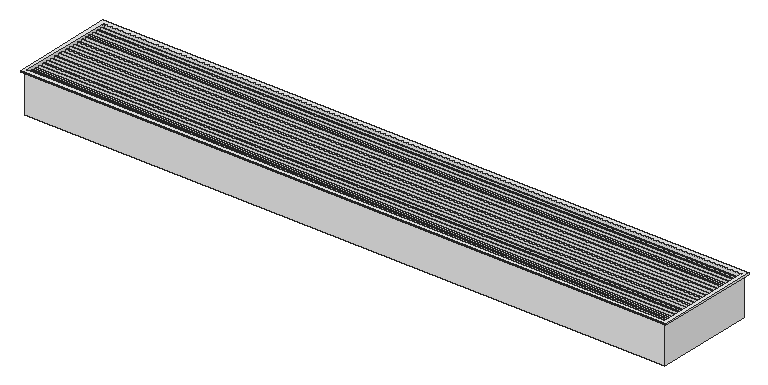
Revit family "DC_Holyoake_MEQ_LD-615SD-PMF_13", category Air Terminals, host Face, Revit 2013
Parameters (values of type "LD-615SD-PMF")
  Width LD [instance] = 150.0 mm
  URL = "http://www.holyoake.com"
  Type Comments = "Fineline Diffuser Series LD linear bar grilles"  # constant formula
  Static Pressure Min = 4.00 Pa
  Static Pressure Max = 78.00 Pa
  Noise Level NC Min = "< 10 NC"
  Noise Level NC Max = "53 NC"
  Model = "LD-615SD-PMF"  # constant formula
  Min Flow = 30 L/s  # constant formula
  Max Flow = 2600 L/s  # constant formula
  Material Face = Holyoake-Aluminium
  Material Body = Holyoake-Aluminium
  Manufacturer = "Holyoake"  # constant formula
  Length LD [instance] = 1000.0 mm
  Holyoake Product Range = "Holyoake Fineline Diffusers"  # constant formula
  Flow = 0 L/s
  Description = "Flangeless Linear Bar Diffuser with Vertical Rear Deflector Blades shall be Holyoake Model LD615SD-PMF with Horizontal Front Linear Bars of 3.25mm at 12.5mm centres set at 0 Degree deflection. \r\nRear vertical deflection blades shall be individually adjustable airfoil type. Flangeless Linear Bar Diffusers shall be of extruded aluminium construction to the sizes as documented and supplied with the Integral Plaster Mounting Frame (PMF) System. Linear Supply Air Diffusers shall be finished in powdercoat and fitted with accessories and dampers where indicated as manufactured by Holyoake."  # constant formula
  Default Elevation = 0.0 mm
  Array Number [instance] = ((Width LD - 25.4 mm) / 6.4 mm) - 0.9  # 19
Reference planes
  plane 1 "Center (Front/Back)": y = 0
  plane 2: z = 0
  plane 3 "Center (Left/Right)": x = 0
  plane 4: x = -500
  plane 5: x = 500
  plane 6: y = 75
  plane 7: y = -75
Forms (mm)
  Sweep 1, solid, material "Holyoake-Aluminium" <- "Material Body", detail levels fine
    path origin (0, 0, 0) x (1, 0, 0) y (0, 1, 0)
      loop
        line (-500, 75) -> (-500, -75) -> (500, -75) -> (500, 75) -> (-500, 75)
    profile origin (0, 75, 0) x (0, 1, 0) y (0, 0, 1)
      loop
        line (2, 0) -> (6, 0) -> (6, 2) -> (0, 2) -> (0, -60) -> (2, -60) -> (2, 0)
  Extrusion 2, void
    sketch origin (0, 0, 0) x (1, 0, 0) y (0, 1, 0)
      loop
        line (-500, 75) -> (-500, -75) -> (500, -75) -> (500, 75) -> (-500, 75)
    from 0 to -1000
Cuts and joins
  Extrusion 2 cuts Sweep 1
Lines and regions (mm)
  reference lines
    curve 1: line (-590.798, 68.65, 0) -> (-485.798, 68.65, 0)
    curve 2: line (-590.798, -68.65, 0) -> (-490.798, -68.65, 0)
  symbolic lines, style "Holyoake - Linear Diffusers", detail levels coarse+medium
    curve 3: line (-519, 94, 0) -> (519, 94, 0)
    curve 4: line (-519, -94, 0) -> (-519, 94, 0)
    curve 5: line (519, -94, 0) -> (-519, -94, 0)
    curve 6: line (519, 94, 0) -> (519, -94, 0)
    curve 7: line (500, -75, 0) -> (-500, -75, 0)
    curve 8: line (500, 75, 0) -> (500, -75, 0)
    curve 9: line (-500, 75, 0) -> (500, 75, 0)
    curve 10: line (-500, -75, 0) -> (-500, 75, 0)
    curve 11: line (-502, 0, -60) -> (502, 0, -60)
    curve 12: line (-502, 0, 2) -> (-502, 0, -60)
    curve 13: line (502, 0, 2) -> (-502, 0, 2)
    curve 14: line (502, 0, -60) -> (502, 0, 2)
    curve 15: line (0, 77, -60) -> (0, -77, -60)
    curve 16: line (0, 77, 2) -> (0, 77, -60)
    curve 17: line (0, -77, 2) -> (0, 77, 2)
    curve 18: line (0, -77, -60) -> (0, -77, 2)
Dimensions and locks
  equal spacing: plane 6, plane 1 "Center (Front/Back)", plane 7
  "Width LD": plane 6 to plane 7
  "Length LD": plane 4 to plane 5
  equal spacing: plane 4, plane 3 "Center (Left/Right)", plane 5
  locked: plane 6 to curve 1 at 6.35
  locked: curve 2 to plane 7 at 6.35
  equal spacing: group 1, group 3, group 4, group 5, group 6, group 7, group 8, group 9, group 10, group 11, group 12, group 13, group 14, group 15, group 16, group 17, group 18, group 19, group 2  (x2)
  equal spacing: group 2, group 19, group 18, group 17, group 16, group 15, group 14, group 13, group 12, group 11, group 10, group 9, group 8, group 7, group 6, group 5, group 4, group 3, group 1
  aligned and locked: plane 2 to host face
  aligned and locked: level to host face
  aligned and locked: plane 4 to Sweep 1 sketch curve
  aligned and locked: Sweep 1 sketch curve to plane 6
  aligned and locked: plane 7 to Sweep 1 sketch curve
  aligned and locked: Sweep 1 sketch curve to plane 5
  aligned and locked: plane 4 to nested 1
  aligned and locked: plane 4 to Sweep 1
  aligned and locked: nested 1 to curve 1
  aligned and locked: Sweep 1 to level
  aligned and locked: curve 2 to nested 2
  aligned and locked: plane 4 to nested 2
  aligned and locked: Extrusion 2 sketch curve to Sweep 1  (x3)
  aligned and locked: Sweep 1 to Extrusion 2 sketch curve
  aligned and locked: curve 7 to cut or joined group of Sweep 1, Extrusion 2  (x2)
  aligned and locked: cut or joined group of Sweep 1, Extrusion 2 to curve 10
  aligned and locked: curve 10 to cut or joined group of Sweep 1, Extrusion 2
  aligned and locked: cut or joined group of Sweep 1, Extrusion 2 to curve 11
  aligned and locked: curve 11 to cut or joined group of Sweep 1, Extrusion 2
  aligned and locked: curve 14 to cut or joined group of Sweep 1, Extrusion 2
  aligned and locked: cut or joined group of Sweep 1, Extrusion 2 to curve 13
  aligned and locked: cut or joined group of Sweep 1, Extrusion 2 to curve 15
  aligned and locked: curve 15 to cut or joined group of Sweep 1, Extrusion 2
  aligned and locked: curve 18 to cut or joined group of Sweep 1, Extrusion 2
  aligned and locked: curve 17 to cut or joined group of Sweep 1, Extrusion 2
Automatic sketch dimensions
  Sweep 1 sketch curve to level = 0.0 mm
  Sweep 1 sketch curve to profile plane = 0.0 mm
  Sweep 1 sketch curve to Sweep 1 sketch curve = 2.0 mm
  Sweep 1 sketch curve to Sweep 1 sketch curve = 4.0 mm
  Sweep 1 sketch curve to Sweep 1 sketch curve = 60.0 mm
  level to Sweep 1 sketch curve = 2.0 mm
  host sketch curve to host sketch curve = 1317.559 mm
  host sketch curve to host sketch curve = 481.337 mm
  curve 2 to plane 4 = 90.798 mm
  curve 1 to curve 2 = 0.0 mm
  plane 4 to curve 2 = 9.202 mm
  plane 4 to curve 1 = 14.202 mm
  curve 3 to plane 4 = 19.0 mm
  plane 5 to curve 5 = 19.0 mm
  curve 6 to plane 7 = 19.0 mm
  plane 6 to curve 4 = 19.0 mm
Nested families
  nested 1: "LD Blade" at (-500, 67.15, 0), Blade Length <- "Length LD", type "LD Blade", detail levels fine
    with Blade Length 1000.0 mm
  nested 2: "LD Blade" at (-500, -68.65, 0), Blade Length <- "Length LD", type "LD Blade", detail levels fine
    with Blade Length 1000.0 mm
  nested 3: "LD Blade" at (-500, 59.606, 0), Blade Length <- "Length LD", type "LD Blade", detail levels fine
    with Blade Length 1000.0 mm
  nested 4: "LD Blade" at (-500, 52.061, 0), Blade Length <- "Length LD", type "LD Blade", detail levels fine
    with Blade Length 1000.0 mm
  nested 5: "LD Blade" at (-500, 44.517, 0), Blade Length <- "Length LD", type "LD Blade", detail levels fine
    with Blade Length 1000.0 mm
  nested 6: "LD Blade" at (-500, 36.972, 0), Blade Length <- "Length LD", type "LD Blade", detail levels fine
    with Blade Length 1000.0 mm
  nested 7: "LD Blade" at (-500, 29.428, 0), Blade Length <- "Length LD", type "LD Blade", detail levels fine
    with Blade Length 1000.0 mm
  nested 8: "LD Blade" at (-500, 21.883, 0), Blade Length <- "Length LD", type "LD Blade", detail levels fine
    with Blade Length 1000.0 mm
  nested 9: "LD Blade" at (-500, 14.339, 0), Blade Length <- "Length LD", type "LD Blade", detail levels fine
    with Blade Length 1000.0 mm
  nested 10: "LD Blade" at (-500, 6.794, 0), Blade Length <- "Length LD", type "LD Blade", detail levels fine
    with Blade Length 1000.0 mm
  nested 11: "LD Blade" at (-500, -0.75, 0), Blade Length <- "Length LD", type "LD Blade", detail levels fine
    with Blade Length 1000.0 mm
  nested 12: "LD Blade" at (-500, -8.294, 0), Blade Length <- "Length LD", type "LD Blade", detail levels fine
    with Blade Length 1000.0 mm
  nested 13: "LD Blade" at (-500, -15.839, 0), Blade Length <- "Length LD", type "LD Blade", detail levels fine
    with Blade Length 1000.0 mm
  nested 14: "LD Blade" at (-500, -23.383, 0), Blade Length <- "Length LD", type "LD Blade", detail levels fine
    with Blade Length 1000.0 mm
  nested 15: "LD Blade" at (-500, -30.928, 0), Blade Length <- "Length LD", type "LD Blade", detail levels fine
    with Blade Length 1000.0 mm
  nested 16: "LD Blade" at (-500, -38.472, 0), Blade Length <- "Length LD", type "LD Blade", detail levels fine
    with Blade Length 1000.0 mm
  nested 17: "LD Blade" at (-500, -46.017, 0), Blade Length <- "Length LD", type "LD Blade", detail levels fine
    with Blade Length 1000.0 mm
  nested 18: "LD Blade" at (-500, -53.561, 0), Blade Length <- "Length LD", type "LD Blade", detail levels fine
    with Blade Length 1000.0 mm
  nested 19: "LD Blade" at (-500, -61.106, 0), Blade Length <- "Length LD", type "LD Blade", detail levels fine
    with Blade Length 1000.0 mm
Definition of nested family "LD Blade"
  Parameters (values of type "LD Blade")
    Blade Material = Holyoake-Aluminium
    Blade Length [instance] = 600.0 mm
    Assembly Code = ""
  Reference planes
    plane 1 "Center (Front/Back)": y = 0
    plane 2: z = 0
    plane 3 "Center (Left/Right)": x = 0
    plane 4: x = 600
  Forms (mm)
    Extrusion 1, solid, material "Holyoake-Aluminium" <- "Blade Material"
      sketch origin (0, -1.042, 0) x (1, 0, 0) y (0, 1, 0)
        loop
          line (0, 1.042) -> (600, 1.042) -> (600, 2.542) -> (0, 2.542) -> (0, 1.042)
      from 0 to -20
  Dimensions and locks
    Extrusion 1 sketch curve to Extrusion 1 sketch curve = 1.5 mm
    "Blade Length": plane 3 "Center (Left/Right)" to plane 4
    locked: plane 1 "Center (Front/Back)" to Extrusion 1 at 1.5
    aligned and locked: plane 1 "Center (Front/Back)" to Extrusion 1
    aligned and locked: Extrusion 1 to plane 3 "Center (Left/Right)"
    aligned and locked: plane 4 to Extrusion 1
  Automatic sketch dimensions
    Extrusion 1 sketch curve to plane 1 "Center (Front/Back)" = 1.5 mm
    Extrusion 1 sketch curve to plane 3 "Center (Left/Right)" = 0.0 mm
    plane 4 to Extrusion 1 sketch curve = 0.0 mm
